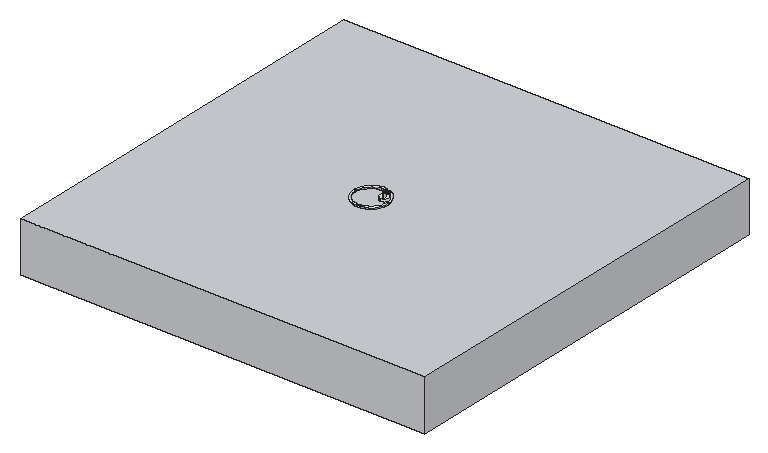
Revit family "Towel_Ring-Grohe-BauCosmopolitan-40460001", category Specialty Equipment, host Face, Revit 2019
Family settings
  Host = Face
  Round Connector Dimension = Use Diameter
  Part Type = Normal
  OmniClass Number = 23.40.20.21.27
  OmniClass Title = Towel Bars
  Cut with Voids When Loaded = No
  Shared = Yes
  Room Calculation Point = No
Parameters (values of type "40460001")
  Width = 8 69/256"  # constant formula
  URL = "https://www.grohe.us"
  Type Comments = ""
  Revised Date = "10/25/2021"  # constant formula
  Product Page URL = "https://www.grohe.us/Towel-Rings/8-Inch-Towel-Ring/GROHE-CHROME-40460001"
  Product Documentation Link = "https://americanstandard.box.com/shared/static/jnukhii9rfbgzexuass3z4gh9xwtwia8.pdf"
  Price = "Prices may vary. Please consult Manufacturer Representative for most up-to-date price list."  # constant formula
  Model = "40460001"
  Material = "Metal-Grohe-001-StarLight Chrome"
  Manufacturer = "Grohe"
  Length = 2 73/256"  # constant formula
  Installation Type = "Wall Mounted"
  Installation Instruction Link = "https://americanstandard.box.com/shared/static/cgooq3og7uxex9a0t4rg0ekyfyif401j.pdf"
  Height = 9 3/32"  # constant formula
  Finish = Metal-Grohe-001-StarLight Chrome
  Description = "BauCosmopolitan Towel ring"  # constant formula
  Default Elevation = 40"  # constant formula
  Creation Date = "7/28/2017"  # constant formula
  Assembly Code = "C1030200"
Reference planes (in)
  plane 1 "Center (Front/Back)": y = 0
  plane 2: z = 0
  plane 3 "Center (Left/Right)": x = 0
  plane 4: y = 1.06299
  plane 5: y = -1.06299
  plane 6: y = -8.0315
  plane 7: y = 0.23622
  plane 8: z = 2.28346
  plane 9: y = -3.93077
Forms (in)
  Extrusion 1, solid
    sketch origin (0, 0, 0) x (1, 0, 0) y (0, 1, 0)
      loop
        line (-48, 48) -> (-48, -48) -> (48, -48) -> (48, 48) -> (-48, 48)
    from 0 to -12
  Revolve 2, solid, material "Metal-Grohe-001-StarLight Chrome" <- "Finish"
    sketch origin (0, 0, 0) x (0, 1, 0) y (0, 0, 1)
      loop
        line (0, 0) -> (1.06299, 0) -> (1.06299, 0.3937) -> (0.22638, 0.3937) -> (0.22638, 1.35748)
        arc (0.22638, 1.35748) -> (0.22352, 1.41705) -> (0.21496, 1.47607) r 0.6215
        line (0.21496, 1.47607) -> (0.10942, 2.019) -> (0, 2.019) -> (0, 0)
      axis (0, 2.019) -> (0, 0)
    angle from 0 to 360
  Extrusion 3, solid, material "Metal-Grohe-001-StarLight Chrome" <- "Finish"
    sketch origin (0, 0, 0) x (0, 1, 0) y (0, 0, 1)
      loop
        circle (0, 2.019) r 0.27422
    from -0.39063 to 0.39375
  Sweep 4, solid, material "Metal-Grohe-001-StarLight Chrome" <- "Finish"
    path origin (0, 0, 0) x (1, 0, 0) y (0, 1, 0)
      loop
        circle (0, -3.93077) r 3.93741
    profile origin (0, 0.00664, 0) x (0, -1, 0) y (0, 0, 1)
      loop
        circle (0.00664, 2.019) r 0.17447
Cuts and joins
  joined: Revolve 2, Extrusion 3, Sweep 4
Lines and regions (in)
  Masking region 1
    outline origin (0, 0, 0) x (1, 0, 0) y (0, 0, 1)
      loop
        line (1.06299, 0) -> (1.06299, 0.3937) -> (0.22638, 0.3937) -> (0.22638, 1.33991)
        arc (0.22638, 1.33991) -> (0.22329, 1.41054) -> (0.21407, 1.48063) r 0.81037
        line (0.21407, 1.48063) -> (0.16272, 1.74478) -> (0.39375, 1.74478) -> (0.39375, 1.84442) -> (3.92759, 1.84442)
        arc (3.92759, 1.84442) -> (4.10217, 2.019) -> (3.92759, 2.19358) r 0.17458
        line (3.92759, 2.19358) -> (0.39375, 2.19358) -> (0.39375, 2.29322) -> (-0.39375, 2.29322) -> (-0.39375, 2.19358) -> (-3.92759, 2.19358)
        arc (-3.92759, 2.19358) -> (-4.10217, 2.019) -> (-3.92759, 1.84442) r 0.17458
        line (-3.92759, 1.84442) -> (-0.39375, 1.84442) -> (-0.39375, 1.74478) -> (-0.16272, 1.74478) -> (-0.21407, 1.48063)
        arc (-0.21407, 1.48063) -> (-0.22329, 1.41054) -> (-0.22638, 1.33991) r 0.81037
        line (-0.22638, 1.33991) -> (-0.22638, 0.3937) -> (-1.06299, 0.3937) -> (-1.06299, 0) -> (1.06299, 0)
  symbolic lines, detail levels medium+fine
    curve 1: line (0.39375, 0, 2.19358) -> (0.39375, 0, 1.84442)
    curve 2: line (-0.39375, 0, 2.19358) -> (-0.39375, 0, 1.84442)
  symbolic lines, detail levels fine
    curve 3: line (0.22638, 0, 0.3937) -> (-0.22638, 0, 0.3937)
    curve 4: line (0.16272, 0, 1.74478) -> (-0.16272, 0, 1.74478)
Dimensions and locks (in)
  equal spacing: plane 4, plane 1 "Center (Front/Back)", plane 5
  plane 4 to plane 5 = 2.12598"
  plane 4 to plane 6 = 9.09449"
  plane 7 to plane 6 = 8.26772"
  plane 8 to level = 2.28346"
  aligned and locked: plane 2 to Extrusion 1
  aligned and locked: level to Extrusion 1
Automatic sketch dimensions
  Extrusion 1 sketch curve to Extrusion 1 sketch curve = 96"  (x2)
  Revolve 2 sketch curve to plane 1 "Center (Front/Back)" = 0"  (x2)
  Revolve 2 sketch curve to level = 0"
  Revolve 2 sketch curve to plane 4 = 0"
  plane 1 "Center (Front/Back)" to Revolve 2 sketch curve = 0.39512"
  Revolve 2 sketch curve to Revolve 2 sketch curve = 0.10942"
  plane 7 to Revolve 2 sketch curve = 0.02126"
  plane 7 to Revolve 2 sketch curve = 0.00984"
  level to Revolve 2 sketch curve = 0.3937"
  Revolve 2 sketch curve to plane 8 = 0.92599"
  Revolve 2 sketch curve to plane 8 = 0.26447"
  Revolve 2 sketch curve to level = 0.19943"
  Revolve 2 sketch curve to Revolve 2 sketch curve = 1/4"
  Extrusion 3 sketch curve to plane 1 "Center (Front/Back)" = 0"
  Extrusion 3 sketch curve to plane 8 = 0.26447"
  Sweep 4 sketch curve to plane 3 "Center (Left/Right)" = 0"
  plane 9 to Sweep 4 sketch curve = 0"
  Sweep 4 sketch curve to profile plane = 0.00664"
  level to Sweep 4 sketch curve = 2.019"
  Masking region 1 sketch curve to level = 0"
  Masking region 1 sketch curve to plane 8 = 0.08989"  (x2)
  Masking region 1 sketch curve to plane 3 "Center (Left/Right)" = 3.92759"
  level to Masking region 1 sketch curve = 0.3937"  (x2)
  Masking region 1 sketch curve to plane 3 "Center (Left/Right)" = 1.06299"
  Masking region 1 sketch curve to plane 3 "Center (Left/Right)" = 0.58399"
  Masking region 1 sketch curve to plane 3 "Center (Left/Right)" = 0.39375"
  Masking region 1 sketch curve to Masking region 1 sketch curve = 0"  (x3)
  Masking region 1 sketch curve to plane 3 "Center (Left/Right)" = 0.22638"
  Masking region 1 sketch curve to Masking region 1 sketch curve = 0.01231"
  Masking region 1 sketch curve to plane 3 "Center (Left/Right)" = 0.16272"
  plane 3 "Center (Left/Right)" to Masking region 1 sketch curve = 0.16272"
  plane 3 "Center (Left/Right)" to Masking region 1 sketch curve = 0.21407"
  plane 3 "Center (Left/Right)" to Masking region 1 sketch curve = 0.22638"
  Masking region 1 sketch curve to Masking region 1 sketch curve = 0.23102"
  Masking region 1 sketch curve to Masking region 1 sketch curve = 0.35761"
  Masking region 1 sketch curve to Masking region 1 sketch curve = 0.83661"
  Masking region 1 sketch curve to plane 8 = 0.43904"
  Masking region 1 sketch curve to Masking region 1 sketch curve = 2.8646"
  Masking region 1 sketch curve to Masking region 1 sketch curve = 0.50451"
  Masking region 1 sketch curve to Masking region 1 sketch curve = 0.26415"
  Masking region 1 sketch curve to Masking region 1 sketch curve = 0.09964"
  Masking region 1 sketch curve to Masking region 1 sketch curve = 0.34916"
  plane 8 to Masking region 1 sketch curve = 0.00976"
  curve 2 to plane 8 = 0.08989"
  curve 2 to plane 3 "Center (Left/Right)" = 0.39375"
  curve 3 to plane 3 "Center (Left/Right)" = 0.22638"
  curve 4 to plane 3 "Center (Left/Right)" = 0.16272"
  plane 3 "Center (Left/Right)" to curve 4 = 0.16272"
  plane 3 "Center (Left/Right)" to curve 3 = 0.22638"
  curve 4 to curve 1 = 0.23102"
  curve 1 to plane 8 = 0.43904"
  curve 2 to curve 2 = 0.34916"
  curve 4 to curve 2 = 0.09964"
  level to curve 3 = 0.3937"
  curve 1 to plane 8 = 0.08989"
  radius of Extrusion 3 sketch curve = 0.27422"
  radius of Sweep 4 sketch curve = 3.93741"
  radius of Sweep 4 sketch curve = 0.17447"
